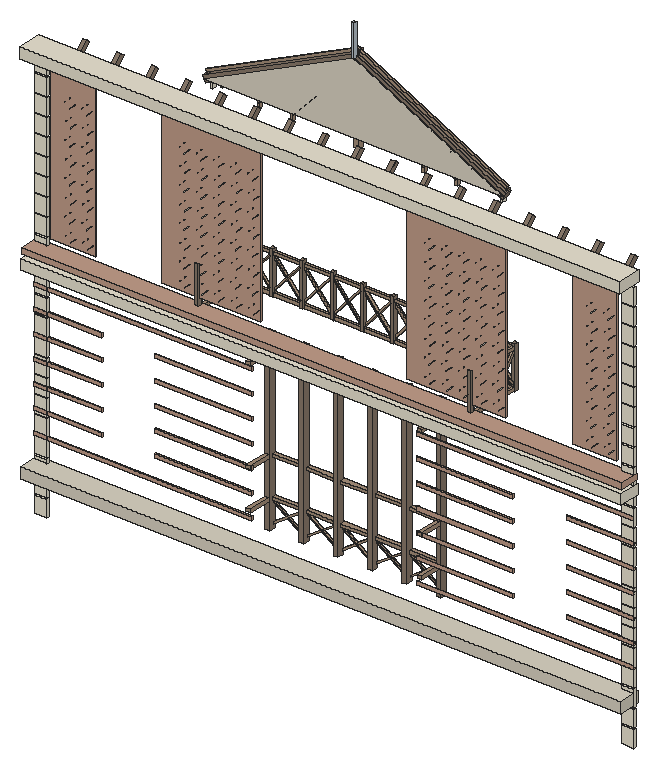
Revit family "AM_Detail_02_Rear_balcony_facade__observed", category Generic Models, Revit 2025
Family settings
  Can host rebar = No
  Round Connector Dimension = Use Diameter
  Part Type = Normal
  Work Plane-Based = No
  Always vertical = Yes
  Cut with Voids When Loaded = No
  Maintain Annotation Orientation = No
  Shared = No
  Room Calculation Point = No
Parameters (values of type "Original geometry")
  Description = "AM v1.0.0 architectural ornament. Editable native extrusion sketches; fixed photographic geometry. Not a structural wall/window/roof substitute."
  Default Elevation = 0 mm
Reference planes
  plane 1 "Center (Front/Back)": y = 0
  plane 2: z = 0
  plane 3 "Center (Left/Right)": x = 0
Forms (mm)
  Extrusion 1, solid, material "AM Warm limestone - fine pores"
    sketch origin (7000, 6110.001, 1025) x (1, 0, 0) y (0, 1, 0)
      loop
        line (0, 0) -> (-14000, -0.001) -> (-14000, -500.001) -> (0, -500) -> (0, 0)
    from 0 to 250
  Extrusion 2, solid, material "AM Ivory carved stone"
    sketch origin (7000, 6105.001, 5380) x (1, 0, 0) y (0, 1, 0)
      loop
        line (0, 0) -> (-14000, -0.001) -> (-14000, -490.002) -> (0, -490) -> (0, 0)
    from 0 to 240
  Extrusion 3, solid, material "AM Faded terracotta masonry"
    sketch origin (7000, 6090.001, 5705) x (1, 0, 0) y (0, 1, 0)
      loop
        line (0, 0) -> (-14000, -0.001) -> (-14000, -460.001) -> (0, -460) -> (0, 0)
    from 0 to 130
  Extrusion 4, solid, material "AM Ivory carved stone"
    sketch origin (7000, 6135.001, 9815) x (1, 0, 0) y (0, 1, 0)
      loop
        line (0, 0) -> (-14000, -0.001) -> (-14000, -550.001) -> (0, -550) -> (0, 0)
    from 0 to 250
  Extrusion 5, solid, material "AM Faded terracotta masonry"
    sketch origin (7000, 6022, 1757.5) x (1, 0, 0) y (0, 1, 0)
      loop
        line (0, 0) -> (-5080, 0) -> (-5080, -20) -> (0, -20) -> (0, 0)
    from 0 to 85
  Extrusion 6, solid, material "AM Faded terracotta masonry"
    sketch origin (-1920, 6022, 1757.5) x (1, 0, 0) y (0, 1, 0)
      loop
        line (0, 0) -> (-5080, 0) -> (-5080, -20) -> (0, -20) -> (0, 0)
    from 0 to 85
  Extrusion 7, solid, material "AM Faded terracotta masonry"
    sketch origin (7000, 6022, 2277.5) x (1, 0, 0) y (0, 1, 0)
      loop
        line (0, 0) -> (-1580, 0) -> (-1580, -20) -> (0, -20) -> (0, 0)
    from 0 to 85
  Extrusion 8, solid, material "AM Faded terracotta masonry"
    sketch origin (4180, 6022, 2277.5) x (1, 0, 0) y (0, 1, 0)
      loop
        line (0, 0) -> (-2260, 0) -> (-2260, -20) -> (0, -20) -> (0, 0)
    from 0 to 85
  Extrusion 9, solid, material "AM Faded terracotta masonry"
    sketch origin (-1920, 6022, 2277.5) x (1, 0, 0) y (0, 1, 0)
      loop
        line (0, 0) -> (-2260, 0) -> (-2260, -20) -> (0, -20) -> (0, 0)
    from 0 to 85
  Extrusion 10, solid, material "AM Faded terracotta masonry"
    sketch origin (-5420, 6022, 2277.5) x (1, 0, 0) y (0, 1, 0)
      loop
        line (0, 0) -> (-1580, 0) -> (-1580, -20) -> (0, -20) -> (0, 0)
    from 0 to 85
  Extrusion 11, solid, material "AM Faded terracotta masonry"
    sketch origin (7000, 6022, 2797.5) x (1, 0, 0) y (0, 1, 0)
      loop
        line (0, 0) -> (-1580, 0) -> (-1580, -20) -> (0, -20) -> (0, 0)
    from 0 to 85
  Extrusion 12, solid, material "AM Faded terracotta masonry"
    sketch origin (4180, 6022, 2797.5) x (1, 0, 0) y (0, 1, 0)
      loop
        line (0, 0) -> (-2260, 0) -> (-2260, -20) -> (0, -20) -> (0, 0)
    from 0 to 85
  Extrusion 13, solid, material "AM Faded terracotta masonry"
    sketch origin (-1920, 6022, 2797.5) x (1, 0, 0) y (0, 1, 0)
      loop
        line (0, 0) -> (-2260, 0) -> (-2260, -20) -> (0, -20) -> (0, 0)
    from 0 to 85
  Extrusion 14, solid, material "AM Faded terracotta masonry"
    sketch origin (-5420, 6022, 2797.5) x (1, 0, 0) y (0, 1, 0)
      loop
        line (0, 0) -> (-1580, 0) -> (-1580, -20) -> (0, -20) -> (0, 0)
    from 0 to 85
  Extrusion 15, solid, material "AM Faded terracotta masonry"
    sketch origin (7000, 6022, 3317.5) x (1, 0, 0) y (0, 1, 0)
      loop
        line (0, 0) -> (-1580, 0) -> (-1580, -20) -> (0, -20) -> (0, 0)
    from 0 to 85
  Extrusion 16, solid, material "AM Faded terracotta masonry"
    sketch origin (4180, 6022, 3317.5) x (1, 0, 0) y (0, 1, 0)
      loop
        line (0, 0) -> (-2260, 0) -> (-2260, -20) -> (0, -20) -> (0, 0)
    from 0 to 85
  Extrusion 17, solid, material "AM Faded terracotta masonry"
    sketch origin (-1920, 6022, 3317.5) x (1, 0, 0) y (0, 1, 0)
      loop
        line (0, 0) -> (-2260, 0) -> (-2260, -20) -> (0, -20) -> (0, 0)
    from 0 to 85
  Extrusion 18, solid, material "AM Faded terracotta masonry"
    sketch origin (-5420, 6022, 3317.5) x (1, 0, 0) y (0, 1, 0)
      loop
        line (0, 0) -> (-1580, 0) -> (-1580, -20) -> (0, -20) -> (0, 0)
    from 0 to 85
  Extrusion 19, solid, material "AM Faded terracotta masonry"
    sketch origin (7000, 6022, 3837.5) x (1, 0, 0) y (0, 1, 0)
      loop
        line (0, 0) -> (-1580, 0) -> (-1580, -20) -> (0, -20) -> (0, 0)
    from 0 to 85
  Extrusion 20, solid, material "AM Faded terracotta masonry"
    sketch origin (4180, 6022, 3837.5) x (1, 0, 0) y (0, 1, 0)
      loop
        line (0, 0) -> (-2260, 0) -> (-2260, -20) -> (0, -20) -> (0, 0)
    from 0 to 85
  Extrusion 21, solid, material "AM Faded terracotta masonry"
    sketch origin (-1920, 6022, 3837.5) x (1, 0, 0) y (0, 1, 0)
      loop
        line (0, 0) -> (-2260, 0) -> (-2260, -20) -> (0, -20) -> (0, 0)
    from 0 to 85
  Extrusion 22, solid, material "AM Faded terracotta masonry"
    sketch origin (-5420, 6022, 3837.5) x (1, 0, 0) y (0, 1, 0)
      loop
        line (0, 0) -> (-1580, 0) -> (-1580, -20) -> (0, -20) -> (0, 0)
    from 0 to 85
  Extrusion 23, solid, material "AM Faded terracotta masonry"
    sketch origin (7000, 6022, 4357.5) x (1, 0, 0) y (0, 1, 0)
      loop
        line (0, 0) -> (-1580, 0) -> (-1580, -20) -> (0, -20) -> (0, 0)
    from 0 to 85
  Extrusion 24, solid, material "AM Faded terracotta masonry"
    sketch origin (4180, 6022, 4357.5) x (1, 0, 0) y (0, 1, 0)
      loop
        line (0, 0) -> (-2260, 0) -> (-2260, -20) -> (0, -20) -> (0, 0)
    from 0 to 85
  Extrusion 25, solid, material "AM Faded terracotta masonry"
    sketch origin (-1920, 6022, 4357.5) x (1, 0, 0) y (0, 1, 0)
      loop
        line (0, 0) -> (-2260, 0) -> (-2260, -20) -> (0, -20) -> (0, 0)
    from 0 to 85
  Extrusion 26, solid, material "AM Faded terracotta masonry"
    sketch origin (-5420, 6022, 4357.5) x (1, 0, 0) y (0, 1, 0)
      loop
        line (0, 0) -> (-1580, 0) -> (-1580, -20) -> (0, -20) -> (0, 0)
    from 0 to 85
  Extrusion 27, solid, material "AM Faded terracotta masonry"
    sketch origin (7000, 6022, 4877.5) x (1, 0, 0) y (0, 1, 0)
      loop
        line (0, 0) -> (-5080, 0) -> (-5080, -20) -> (0, -20) -> (0, 0)
    from 0 to 85
  Extrusion 28, solid, material "AM Faded terracotta masonry"
    sketch origin (-1920, 6022, 4877.5) x (1, 0, 0) y (0, 1, 0)
      loop
        line (0, 0) -> (-5080, 0) -> (-5080, -20) -> (0, -20) -> (0, 0)
    from 0 to 85
  Extrusion 29, solid, material "AM Ivory carved stone"
    sketch origin (7000, 6065, 125) x (1, 0, 0) y (0, 1, 0)
      loop
        line (0, 0) -> (-300, 0) -> (-300, -60) -> (0, -60) -> (0, 0)
    from 0 to 390
  Extrusion 30, solid, material "AM Ivory carved stone"
    sketch origin (7000, 6065, 545) x (1, 0, 0) y (0, 1, 0)
      loop
        line (0, 0) -> (-300, 0) -> (-300, -60) -> (0, -60) -> (0, 0)
    from 0 to 390
  Extrusion 31, solid, material "AM Ivory carved stone"
    sketch origin (7000, 6065, 965) x (1, 0, 0) y (0, 1, 0)
      loop
        line (0, 0) -> (-300, 0) -> (-300, -60) -> (0, -60) -> (0, 0)
    from 0 to 390
  Extrusion 32, solid, material "AM Ivory carved stone"
    sketch origin (7000, 6065, 1385) x (1, 0, 0) y (0, 1, 0)
      loop
        line (0, 0) -> (-300, 0) -> (-300, -60) -> (0, -60) -> (0, 0)
    from 0 to 390
  Extrusion 33, solid, material "AM Ivory carved stone"
    sketch origin (7000, 6065, 1805) x (1, 0, 0) y (0, 1, 0)
      loop
        line (0, 0) -> (-300, 0) -> (-300, -60) -> (0, -60) -> (0, 0)
    from 0 to 390
  Extrusion 34, solid, material "AM Ivory carved stone"
    sketch origin (7000, 6065, 2225) x (1, 0, 0) y (0, 1, 0)
      loop
        line (0, 0) -> (-300, 0) -> (-300, -60) -> (0, -60) -> (0, 0)
    from 0 to 390
  Extrusion 35, solid, material "AM Ivory carved stone"
    sketch origin (7000, 6065, 2645) x (1, 0, 0) y (0, 1, 0)
      loop
        line (0, 0) -> (-300, 0) -> (-300, -60) -> (0, -60) -> (0, 0)
    from 0 to 390
  Extrusion 36, solid, material "AM Ivory carved stone"
    sketch origin (7000, 6065, 3065) x (1, 0, 0) y (0, 1, 0)
      loop
        line (0, 0) -> (-300, 0) -> (-300, -60) -> (0, -60) -> (0, 0)
    from 0 to 390
  Extrusion 37, solid, material "AM Ivory carved stone"
    sketch origin (7000, 6065, 3485) x (1, 0, 0) y (0, 1, 0)
      loop
        line (0, 0) -> (-300, 0) -> (-300, -60) -> (0, -60) -> (0, 0)
    from 0 to 390
  Extrusion 38, solid, material "AM Ivory carved stone"
    sketch origin (7000, 6065, 3905) x (1, 0, 0) y (0, 1, 0)
      loop
        line (0, 0) -> (-300, 0) -> (-300, -60) -> (0, -60) -> (0, 0)
    from 0 to 390
  Extrusion 39, solid, material "AM Ivory carved stone"
    sketch origin (7000, 6065, 4325) x (1, 0, 0) y (0, 1, 0)
      loop
        line (0, 0) -> (-300, 0) -> (-300, -60) -> (0, -60) -> (0, 0)
    from 0 to 390
  Extrusion 40, solid, material "AM Ivory carved stone"
    sketch origin (7000, 6065, 4745) x (1, 0, 0) y (0, 1, 0)
      loop
        line (0, 0) -> (-300, 0) -> (-300, -60) -> (0, -60) -> (0, 0)
    from 0 to 390
  Extrusion 41, solid, material "AM Ivory carved stone"
    sketch origin (7000, 6065, 5165) x (1, 0, 0) y (0, 1, 0)
      loop
        line (0, 0) -> (-300, 0) -> (-300, -60) -> (0, -60) -> (0, 0)
    from 0 to 390
  Extrusion 42, solid, material "AM Ivory carved stone"
    sketch origin (7000, 6065, 5585) x (1, 0, 0) y (0, 1, 0)
      loop
        line (0, 0) -> (-300, 0) -> (-300, -60) -> (0, -60) -> (0, 0)
    from 0 to 390
  Extrusion 43, solid, material "AM Ivory carved stone"
    sketch origin (7000, 6065, 6005) x (1, 0, 0) y (0, 1, 0)
      loop
        line (0, 0) -> (-300, 0) -> (-300, -60) -> (0, -60) -> (0, 0)
    from 0 to 390
  Extrusion 44, solid, material "AM Ivory carved stone"
    sketch origin (7000, 6065, 6425) x (1, 0, 0) y (0, 1, 0)
      loop
        line (0, 0) -> (-300, 0) -> (-300, -60) -> (0, -60) -> (0, 0)
    from 0 to 390
  Extrusion 45, solid, material "AM Ivory carved stone"
    sketch origin (7000, 6065, 6845) x (1, 0, 0) y (0, 1, 0)
      loop
        line (0, 0) -> (-300, 0) -> (-300, -60) -> (0, -60) -> (0, 0)
    from 0 to 390
  Extrusion 46, solid, material "AM Ivory carved stone"
    sketch origin (7000, 6065, 7265) x (1, 0, 0) y (0, 1, 0)
      loop
        line (0, 0) -> (-300, 0) -> (-300, -60) -> (0, -60) -> (0, 0)
    from 0 to 390
  Extrusion 47, solid, material "AM Ivory carved stone"
    sketch origin (7000, 6065, 7685) x (1, 0, 0) y (0, 1, 0)
      loop
        line (0, 0) -> (-300, 0) -> (-300, -60) -> (0, -60) -> (0, 0)
    from 0 to 390
  Extrusion 48, solid, material "AM Ivory carved stone"
    sketch origin (7000, 6065, 8105) x (1, 0, 0) y (0, 1, 0)
      loop
        line (0, 0) -> (-300, 0) -> (-300, -60) -> (0, -60) -> (0, 0)
    from 0 to 389.999
  Extrusion 49, solid, material "AM Ivory carved stone"
    sketch origin (7000, 6065, 8525.001) x (1, 0, 0) y (0, 1, 0)
      loop
        line (0, 0) -> (-300, 0) -> (-300, -60) -> (0, -60) -> (0, 0)
    from 0 to 389.999
  Extrusion 50, solid, material "AM Ivory carved stone"
    sketch origin (7000, 6065, 8945.001) x (1, 0, 0) y (0, 1, 0)
      loop
        line (0, 0) -> (-300, 0) -> (-300, -60) -> (0, -60) -> (0, 0)
    from 0 to 389.999
  Extrusion 51, solid, material "AM Ivory carved stone"
    sketch origin (7000, 6065, 9365.001) x (1, 0, 0) y (0, 1, 0)
      loop
        line (0, 0) -> (-300, 0) -> (-300, -60) -> (0, -60) -> (0, 0)
    from 0 to 389.999
  Extrusion 52, solid, material "AM Ivory carved stone"
    sketch origin (-6700, 6065, 125) x (1, 0, 0) y (0, 1, 0)
      loop
        line (0, 0) -> (-300, 0) -> (-300, -60) -> (0, -60) -> (0, 0)
    from 0 to 390
  Extrusion 53, solid, material "AM Ivory carved stone"
    sketch origin (-6700, 6065, 545) x (1, 0, 0) y (0, 1, 0)
      loop
        line (0, 0) -> (-300, 0) -> (-300, -60) -> (0, -60) -> (0, 0)
    from 0 to 390
  Extrusion 54, solid, material "AM Ivory carved stone"
    sketch origin (-6700, 6065, 965) x (1, 0, 0) y (0, 1, 0)
      loop
        line (0, 0) -> (-300, 0) -> (-300, -60) -> (0, -60) -> (0, 0)
    from 0 to 390
  Extrusion 55, solid, material "AM Ivory carved stone"
    sketch origin (-6700, 6065, 1385) x (1, 0, 0) y (0, 1, 0)
      loop
        line (0, 0) -> (-300, 0) -> (-300, -60) -> (0, -60) -> (0, 0)
    from 0 to 390
  Extrusion 56, solid, material "AM Ivory carved stone"
    sketch origin (-6700, 6065, 1805) x (1, 0, 0) y (0, 1, 0)
      loop
        line (0, 0) -> (-300, 0) -> (-300, -60) -> (0, -60) -> (0, 0)
    from 0 to 390
  Extrusion 57, solid, material "AM Ivory carved stone"
    sketch origin (-6700, 6065, 2225) x (1, 0, 0) y (0, 1, 0)
      loop
        line (0, 0) -> (-300, 0) -> (-300, -60) -> (0, -60) -> (0, 0)
    from 0 to 390
  Extrusion 58, solid, material "AM Ivory carved stone"
    sketch origin (-6700, 6065, 2645) x (1, 0, 0) y (0, 1, 0)
      loop
        line (0, 0) -> (-300, 0) -> (-300, -60) -> (0, -60) -> (0, 0)
    from 0 to 390
  Extrusion 59, solid, material "AM Ivory carved stone"
    sketch origin (-6700, 6065, 3065) x (1, 0, 0) y (0, 1, 0)
      loop
        line (0, 0) -> (-300, 0) -> (-300, -60) -> (0, -60) -> (0, 0)
    from 0 to 390
  Extrusion 60, solid, material "AM Ivory carved stone"
    sketch origin (-6700, 6065, 3485) x (1, 0, 0) y (0, 1, 0)
      loop
        line (0, 0) -> (-300, 0) -> (-300, -60) -> (0, -60) -> (0, 0)
    from 0 to 390
  Extrusion 61, solid, material "AM Ivory carved stone"
    sketch origin (-6700, 6065, 3905) x (1, 0, 0) y (0, 1, 0)
      loop
        line (0, 0) -> (-300, 0) -> (-300, -60) -> (0, -60) -> (0, 0)
    from 0 to 390
  Extrusion 62, solid, material "AM Ivory carved stone"
    sketch origin (-6700, 6065, 4325) x (1, 0, 0) y (0, 1, 0)
      loop
        line (0, 0) -> (-300, 0) -> (-300, -60) -> (0, -60) -> (0, 0)
    from 0 to 390
  Extrusion 63, solid, material "AM Ivory carved stone"
    sketch origin (-6700, 6065, 4745) x (1, 0, 0) y (0, 1, 0)
      loop
        line (0, 0) -> (-300, 0) -> (-300, -60) -> (0, -60) -> (0, 0)
    from 0 to 390
  Extrusion 64, solid, material "AM Ivory carved stone"
    sketch origin (-6700, 6065, 5165) x (1, 0, 0) y (0, 1, 0)
      loop
        line (0, 0) -> (-300, 0) -> (-300, -60) -> (0, -60) -> (0, 0)
    from 0 to 390
  Extrusion 65, solid, material "AM Ivory carved stone"
    sketch origin (-6700, 6065, 5585) x (1, 0, 0) y (0, 1, 0)
      loop
        line (0, 0) -> (-300, 0) -> (-300, -60) -> (0, -60) -> (0, 0)
    from 0 to 390
  Extrusion 66, solid, material "AM Ivory carved stone"
    sketch origin (-6700, 6065, 6005) x (1, 0, 0) y (0, 1, 0)
      loop
        line (0, 0) -> (-300, 0) -> (-300, -60) -> (0, -60) -> (0, 0)
    from 0 to 390
  Extrusion 67, solid, material "AM Ivory carved stone"
    sketch origin (-6700, 6065, 6425) x (1, 0, 0) y (0, 1, 0)
      loop
        line (0, 0) -> (-300, 0) -> (-300, -60) -> (0, -60) -> (0, 0)
    from 0 to 390
  Extrusion 68, solid, material "AM Ivory carved stone"
    sketch origin (-6700, 6065, 6845) x (1, 0, 0) y (0, 1, 0)
      loop
        line (0, 0) -> (-300, 0) -> (-300, -60) -> (0, -60) -> (0, 0)
    from 0 to 390
  Extrusion 69, solid, material "AM Ivory carved stone"
    sketch origin (-6700, 6065, 7265) x (1, 0, 0) y (0, 1, 0)
      loop
        line (0, 0) -> (-300, 0) -> (-300, -60) -> (0, -60) -> (0, 0)
    from 0 to 390
  Extrusion 70, solid, material "AM Ivory carved stone"
    sketch origin (-6700, 6065, 7685) x (1, 0, 0) y (0, 1, 0)
      loop
        line (0, 0) -> (-300, 0) -> (-300, -60) -> (0, -60) -> (0, 0)
    from 0 to 390
  Extrusion 71, solid, material "AM Ivory carved stone"
    sketch origin (-6700, 6065, 8105) x (1, 0, 0) y (0, 1, 0)
      loop
        line (0, 0) -> (-300, 0) -> (-300, -60) -> (0, -60) -> (0, 0)
    from 0 to 389.999
  Extrusion 72, solid, material "AM Ivory carved stone"
    sketch origin (-6700, 6065, 8525.001) x (1, 0, 0) y (0, 1, 0)
      loop
        line (0, 0) -> (-300, 0) -> (-300, -60) -> (0, -60) -> (0, 0)
    from 0 to 389.999
  Extrusion 73, solid, material "AM Ivory carved stone"
    sketch origin (-6700, 6065, 8945.001) x (1, 0, 0) y (0, 1, 0)
      loop
        line (0, 0) -> (-300, 0) -> (-300, -60) -> (0, -60) -> (0, 0)
    from 0 to 389.999
  Extrusion 74, solid, material "AM Ivory carved stone"
    sketch origin (-6700, 6065, 9365.001) x (1, 0, 0) y (0, 1, 0)
      loop
        line (0, 0) -> (-300, 0) -> (-300, -60) -> (0, -60) -> (0, 0)
    from 0 to 389.999
  Extrusion 75, solid, material "AM Aged chestnut timber"
    sketch origin (6697.5, 6034.653, 9607.513) x (1, 0, 0) y (0, 0.729542, -0.683936)
      loop
        line (0, 0) -> (-95, 0) -> (-95, -95) -> (0, -95) -> (0, 0)
    from 0 to 657.951
  Extrusion 76, solid, material "AM Aged chestnut timber"
    sketch origin (5897.5, 6034.653, 9607.513) x (1, 0, 0) y (0, 0.729542, -0.683936)
      loop
        line (0, 0) -> (-95, 0) -> (-95, -95) -> (0, -95) -> (0, 0)
    from 0 to 657.951
  Extrusion 77, solid, material "AM Aged chestnut timber"
    sketch origin (5097.5, 6034.653, 9607.513) x (1, 0, 0) y (0, 0.729542, -0.683936)
      loop
        line (0, 0) -> (-95, 0) -> (-95, -95) -> (0, -95) -> (0, 0)
    from 0 to 657.951
  Extrusion 78, solid, material "AM Aged chestnut timber"
    sketch origin (4297.5, 6034.653, 9607.513) x (1, 0, 0) y (0, 0.729542, -0.683936)
      loop
        line (0, 0) -> (-95, 0) -> (-95, -95) -> (0, -95) -> (0, 0)
    from 0 to 657.951
  Extrusion 79, solid, material "AM Aged chestnut timber"
    sketch origin (3497.5, 6034.653, 9607.513) x (1, 0, 0) y (0, 0.729542, -0.683936)
      loop
        line (0, 0) -> (-95, 0) -> (-95, -95) -> (0, -95) -> (0, 0)
    from 0 to 657.951
  Extrusion 80, solid, material "AM Aged chestnut timber"
    sketch origin (2697.5, 6034.653, 9607.513) x (1, 0, 0) y (0, 0.729542, -0.683936)
      loop
        line (0, 0) -> (-95, 0) -> (-95, -95) -> (0, -95) -> (0, 0)
    from 0 to 657.951
  Extrusion 81, solid, material "AM Aged chestnut timber"
    sketch origin (1897.5, 6034.653, 9607.513) x (1, 0, 0) y (0, 0.729542, -0.683936)
      loop
        line (0, 0) -> (-95, 0) -> (-95, -95) -> (0, -95) -> (0, 0)
    from 0 to 657.951
  Extrusion 82, solid, material "AM Aged chestnut timber"
    sketch origin (1097.5, 6034.653, 9607.513) x (1, 0, 0) y (0, 0.729542, -0.683936)
      loop
        line (0, 0) -> (-95, 0) -> (-95, -95) -> (0, -95) -> (0, 0)
    from 0 to 657.951
  Extrusion 83, solid, material "AM Aged chestnut timber"
    sketch origin (297.5, 6034.653, 9607.513) x (1, 0, 0) y (0, 0.729542, -0.683936)
      loop
        line (0, 0) -> (-95, 0) -> (-95, -95) -> (0, -95) -> (0, 0)
    from 0 to 657.951
  Extrusion 84, solid, material "AM Aged chestnut timber"
    sketch origin (-502.5, 6034.653, 9607.513) x (1, 0, 0) y (0, 0.729542, -0.683936)
      loop
        line (0, 0) -> (-95, 0) -> (-95, -95) -> (0, -95) -> (0, 0)
    from 0 to 657.951
  Extrusion 85, solid, material "AM Aged chestnut timber"
    sketch origin (-1302.5, 6034.653, 9607.513) x (1, 0, 0) y (0, 0.729542, -0.683936)
      loop
        line (0, 0) -> (-95, 0) -> (-95, -95) -> (0, -95) -> (0, 0)
    from 0 to 657.951
  Extrusion 86, solid, material "AM Aged chestnut timber"
    sketch origin (-2102.5, 6034.653, 9607.513) x (1, 0, 0) y (0, 0.729542, -0.683936)
      loop
        line (0, 0) -> (-95, 0) -> (-95, -95) -> (0, -95) -> (0, 0)
    from 0 to 657.951
  Extrusion 87, solid, material "AM Aged chestnut timber"
    sketch origin (-2902.5, 6034.653, 9607.513) x (1, 0, 0) y (0, 0.729542, -0.683936)
      loop
        line (0, 0) -> (-95, 0) -> (-95, -95) -> (0, -95) -> (0, 0)
    from 0 to 657.951
  Extrusion 88, solid, material "AM Aged chestnut timber"
    sketch origin (-3702.5, 6034.653, 9607.513) x (1, 0, 0) y (0, 0.729542, -0.683936)
      loop
        line (0, 0) -> (-95, 0) -> (-95, -95) -> (0, -95) -> (0, 0)
    from 0 to 657.951
  Extrusion 89, solid, material "AM Aged chestnut timber"
    sketch origin (-4502.5, 6034.653, 9607.513) x (1, 0, 0) y (0, 0.729542, -0.683936)
      loop
        line (0, 0) -> (-95, 0) -> (-95, -95) -> (0, -95) -> (0, 0)
    from 0 to 657.951
  Extrusion 90, solid, material "AM Aged chestnut timber"
    sketch origin (-5302.5, 6034.653, 9607.513) x (1, 0, 0) y (0, 0.729542, -0.683936)
      loop
        line (0, 0) -> (-95, 0) -> (-95, -95) -> (0, -95) -> (0, 0)
    from 0 to 657.951
  Extrusion 91, solid, material "AM Aged chestnut timber"
    sketch origin (-6102.5, 6034.653, 9607.513) x (1, 0, 0) y (0, 0.729542, -0.683936)
      loop
        line (0, 0) -> (-95, 0) -> (-95, -95) -> (0, -95) -> (0, 0)
    from 0 to 657.951
  Extrusion 92, solid, material "AM Faded terracotta masonry"
    sketch origin (6600, 6022.5, 6000) x (1, 0, 0) y (0, 1, 0)
      loop
        line (0, 0) -> (-1030, 0) -> (-1030, -25) -> (0, -25) -> (0, 0)
    from 0 to 3550
  Extrusion 93, solid, material "AM Ivory carved stone"
    sketch origin (6400, 6031, 6385) x (0, 0, -1) y (1, 0, 0)
      loop
        line (0, 0) -> (165, -165) -> (330, 0) -> (165, 165) -> (0, 0)
    from 0 to 9
  Extrusion 94, solid, material "AM Ivory carved stone"
    sketch origin (6510, 6031, 6275) x (0, 0, -1) y (1, 0, 0)
      loop
        line (0, 0) -> (55, -55) -> (110, 0) -> (55, 55) -> (0, 0)
    from 0 to 9
  Extrusion 95, solid, material "AM Ivory carved stone"
    sketch origin (6290, 6031, 6275) x (0, 0, -1) y (1, 0, 0)
      loop
        line (0, 0) -> (55, -55) -> (110, 0) -> (55, 55) -> (0, 0)
    from 0 to 9
  Extrusion 96, solid, material "AM Ivory carved stone"
    sketch origin (6400, 6031, 6165) x (0, 0, -1) y (1, 0, 0)
      loop
        line (0, 0) -> (55, -55) -> (110, 0) -> (55, 55) -> (0, 0)
    from 0 to 9
  Extrusion 97, solid, material "AM Ivory carved stone"
    sketch origin (6400, 6031, 6385) x (0, 0, -1) y (1, 0, 0)
      loop
        line (0, 0) -> (55, -55) -> (110, 0) -> (55, 55) -> (0, 0)
    from 0 to 9
  Extrusion 98, solid, material "AM Ivory carved stone"
    sketch origin (6000, 6031, 6385) x (0, 0, -1) y (1, 0, 0)
      loop
        line (0, 0) -> (165, -165) -> (330, 0) -> (165, 165) -> (0, 0)
    from 0 to 9
  Extrusion 99, solid, material "AM Ivory carved stone"
    sketch origin (6110, 6031, 6275) x (0, 0, -1) y (1, 0, 0)
      loop
        line (0, 0) -> (55, -55) -> (110, 0) -> (55, 55) -> (0, 0)
    from 0 to 9
  Extrusion 100, solid, material "AM Ivory carved stone"
    sketch origin (5890, 6031, 6275) x (0, 0, -1) y (1, 0, 0)
      loop
        line (0, 0) -> (55, -55) -> (110, 0) -> (55, 55) -> (0, 0)
    from 0 to 9
  Extrusion 101, solid, material "AM Ivory carved stone"
    sketch origin (6000, 6031, 6165) x (0, 0, -1) y (1, 0, 0)
      loop
        line (0, 0) -> (55, -55) -> (110, 0) -> (55, 55) -> (0, 0)
    from 0 to 9
  Extrusion 102, solid, material "AM Ivory carved stone"
    sketch origin (6000, 6031, 6385) x (0, 0, -1) y (1, 0, 0)
      loop
        line (0, 0) -> (55, -55) -> (110, 0) -> (55, 55) -> (0, 0)
    from 0 to 9
  Extrusion 103, solid, material "AM Ivory carved stone"
    sketch origin (6380, 6031, 6785) x (0, 0, -1) y (1, 0, 0)
      loop
        line (0, 0) -> (165, -165) -> (330, 0) -> (165, 165) -> (0, 0)
    from 0 to 9
  Extrusion 104, solid, material "AM Ivory carved stone"
    sketch origin (6490, 6031, 6675) x (0, 0, -1) y (1, 0, 0)
      loop
        line (0, 0) -> (55, -55) -> (110, 0) -> (55, 55) -> (0, 0)
    from 0 to 9
  Extrusion 105, solid, material "AM Ivory carved stone"
    sketch origin (6270, 6031, 6675) x (0, 0, -1) y (1, 0, 0)
      loop
        line (0, 0) -> (55, -55) -> (110, 0) -> (55, 55) -> (0, 0)
    from 0 to 9
  Extrusion 106, solid, material "AM Ivory carved stone"
    sketch origin (6380, 6031, 6565) x (0, 0, -1) y (1, 0, 0)
      loop
        line (0, 0) -> (55, -55) -> (110, 0) -> (55, 55) -> (0, 0)
    from 0 to 9
  Extrusion 107, solid, material "AM Ivory carved stone"
    sketch origin (6380, 6031, 6785) x (0, 0, -1) y (1, 0, 0)
      loop
        line (0, 0) -> (55, -55) -> (110, 0) -> (55, 55) -> (0, 0)
    from 0 to 9
  Extrusion 108, solid, material "AM Ivory carved stone"
    sketch origin (5980, 6031, 6785) x (0, 0, -1) y (1, 0, 0)
      loop
        line (0, 0) -> (165, -165) -> (330, 0) -> (165, 165) -> (0, 0)
    from 0 to 9
  Extrusion 109, solid, material "AM Ivory carved stone"
    sketch origin (6090, 6031, 6675) x (0, 0, -1) y (1, 0, 0)
      loop
        line (0, 0) -> (55, -55) -> (110, 0) -> (55, 55) -> (0, 0)
    from 0 to 9
  Extrusion 110, solid, material "AM Ivory carved stone"
    sketch origin (5870, 6031, 6675) x (0, 0, -1) y (1, 0, 0)
      loop
        line (0, 0) -> (55, -55) -> (110, 0) -> (55, 55) -> (0, 0)
    from 0 to 9
  Extrusion 111, solid, material "AM Ivory carved stone"
    sketch origin (5980, 6031, 6565) x (0, 0, -1) y (1, 0, 0)
      loop
        line (0, 0) -> (55, -55) -> (110, 0) -> (55, 55) -> (0, 0)
    from 0 to 9
  Extrusion 112, solid, material "AM Ivory carved stone"
    sketch origin (5980, 6031, 6785) x (0, 0, -1) y (1, 0, 0)
      loop
        line (0, 0) -> (55, -55) -> (110, 0) -> (55, 55) -> (0, 0)
    from 0 to 9
  Extrusion 113, solid, material "AM Ivory carved stone"
    sketch origin (6400, 6031, 7185) x (0, 0, -1) y (1, 0, 0)
      loop
        line (0, 0) -> (165, -165) -> (330, 0) -> (165, 165) -> (0, 0)
    from 0 to 9
  Extrusion 114, solid, material "AM Ivory carved stone"
    sketch origin (6510, 6031, 7075) x (0, 0, -1) y (1, 0, 0)
      loop
        line (0, 0) -> (55, -55) -> (110, 0) -> (55, 55) -> (0, 0)
    from 0 to 9
  Extrusion 115, solid, material "AM Ivory carved stone"
    sketch origin (6290, 6031, 7075) x (0, 0, -1) y (1, 0, 0)
      loop
        line (0, 0) -> (55, -55) -> (110, 0) -> (55, 55) -> (0, 0)
    from 0 to 9
  Extrusion 116, solid, material "AM Ivory carved stone"
    sketch origin (6400, 6031, 6965) x (0, 0, -1) y (1, 0, 0)
      loop
        line (0, 0) -> (55, -55) -> (110, 0) -> (55, 55) -> (0, 0)
    from 0 to 9
  Extrusion 117, solid, material "AM Ivory carved stone"
    sketch origin (6400, 6031, 7185) x (0, 0, -1) y (1, 0, 0)
      loop
        line (0, 0) -> (55, -55) -> (110, 0) -> (55, 55) -> (0, 0)
    from 0 to 9
  Extrusion 118, solid, material "AM Ivory carved stone"
    sketch origin (6000, 6031, 7185) x (0, 0, -1) y (1, 0, 0)
      loop
        line (0, 0) -> (165, -165) -> (330, 0) -> (165, 165) -> (0, 0)
    from 0 to 9
  Extrusion 119, solid, material "AM Ivory carved stone"
    sketch origin (6110, 6031, 7075) x (0, 0, -1) y (1, 0, 0)
      loop
        line (0, 0) -> (55, -55) -> (110, 0) -> (55, 55) -> (0, 0)
    from 0 to 9
  Extrusion 120, solid, material "AM Ivory carved stone"
    sketch origin (5890, 6031, 7075) x (0, 0, -1) y (1, 0, 0)
      loop
        line (0, 0) -> (55, -55) -> (110, 0) -> (55, 55) -> (0, 0)
    from 0 to 9
  Extrusion 121, solid, material "AM Ivory carved stone"
    sketch origin (6000, 6031, 6965) x (0, 0, -1) y (1, 0, 0)
      loop
        line (0, 0) -> (55, -55) -> (110, 0) -> (55, 55) -> (0, 0)
    from 0 to 9
  Extrusion 122, solid, material "AM Ivory carved stone"
    sketch origin (6000, 6031, 7185) x (0, 0, -1) y (1, 0, 0)
      loop
        line (0, 0) -> (55, -55) -> (110, 0) -> (55, 55) -> (0, 0)
    from 0 to 9
  Extrusion 123, solid, material "AM Ivory carved stone"
    sketch origin (6380, 6031, 7585) x (0, 0, -1) y (1, 0, 0)
      loop
        line (0, 0) -> (165, -165) -> (330, 0) -> (165, 165) -> (0, 0)
    from 0 to 9
  Extrusion 124, solid, material "AM Ivory carved stone"
    sketch origin (6490, 6031, 7475) x (0, 0, -1) y (1, 0, 0)
      loop
        line (0, 0) -> (55, -55) -> (110, 0) -> (55, 55) -> (0, 0)
    from 0 to 9
  Extrusion 125, solid, material "AM Ivory carved stone"
    sketch origin (6270, 6031, 7475) x (0, 0, -1) y (1, 0, 0)
      loop
        line (0, 0) -> (55, -55) -> (110, 0) -> (55, 55) -> (0, 0)
    from 0 to 9
  Extrusion 126, solid, material "AM Ivory carved stone"
    sketch origin (6380, 6031, 7365) x (0, 0, -1) y (1, 0, 0)
      loop
        line (0, 0) -> (55, -55) -> (110, 0) -> (55, 55) -> (0, 0)
    from 0 to 9
  Extrusion 127, solid, material "AM Ivory carved stone"
    sketch origin (6380, 6031, 7585) x (0, 0, -1) y (1, 0, 0)
      loop
        line (0, 0) -> (55, -55) -> (110, 0) -> (55, 55) -> (0, 0)
    from 0 to 9
  Extrusion 128, solid, material "AM Ivory carved stone"
    sketch origin (5980, 6031, 7585) x (0, 0, -1) y (1, 0, 0)
      loop
        line (0, 0) -> (165, -165) -> (330, 0) -> (165, 165) -> (0, 0)
    from 0 to 9
  Extrusion 129, solid, material "AM Ivory carved stone"
    sketch origin (6090, 6031, 7475) x (0, 0, -1) y (1, 0, 0)
      loop
        line (0, 0) -> (55, -55) -> (110, 0) -> (55, 55) -> (0, 0)
    from 0 to 9
  Extrusion 130, solid, material "AM Ivory carved stone"
    sketch origin (5870, 6031, 7475) x (0, 0, -1) y (1, 0, 0)
      loop
        line (0, 0) -> (55, -55) -> (110, 0) -> (55, 55) -> (0, 0)
    from 0 to 9
  Extrusion 131, solid, material "AM Ivory carved stone"
    sketch origin (5980, 6031, 7365) x (0, 0, -1) y (1, 0, 0)
      loop
        line (0, 0) -> (55, -55) -> (110, 0) -> (55, 55) -> (0, 0)
    from 0 to 9
  Extrusion 132, solid, material "AM Ivory carved stone"
    sketch origin (5980, 6031, 7585) x (0, 0, -1) y (1, 0, 0)
      loop
        line (0, 0) -> (55, -55) -> (110, 0) -> (55, 55) -> (0, 0)
    from 0 to 9
  Extrusion 133, solid, material "AM Ivory carved stone"
    sketch origin (6400, 6031, 7985) x (0, 0, -1) y (1, 0, 0)
      loop
        line (0, 0) -> (165, -165) -> (330, 0) -> (165, 165) -> (0, 0)
    from 0 to 9
  Extrusion 134, solid, material "AM Ivory carved stone"
    sketch origin (6510, 6031, 7875) x (0, 0, -1) y (1, 0, 0)
      loop
        line (0, 0) -> (55, -55) -> (110, 0) -> (55, 55) -> (0, 0)
    from 0 to 9
  Extrusion 135, solid, material "AM Ivory carved stone"
    sketch origin (6290, 6031, 7875) x (0, 0, -1) y (1, 0, 0)
      loop
        line (0, 0) -> (55, -55) -> (110, 0) -> (55, 55) -> (0, 0)
    from 0 to 9
  Extrusion 136, solid, material "AM Ivory carved stone"
    sketch origin (6400, 6031, 7765) x (0, 0, -1) y (1, 0, 0)
      loop
        line (0, 0) -> (55, -55) -> (110, 0) -> (55, 55) -> (0, 0)
    from 0 to 9
  Extrusion 137, solid, material "AM Ivory carved stone"
    sketch origin (6400, 6031, 7985) x (0, 0, -1) y (1, 0, 0)
      loop
        line (0, 0) -> (55, -55) -> (110, 0) -> (55, 55) -> (0, 0)
    from 0 to 9
  Extrusion 138, solid, material "AM Ivory carved stone"
    sketch origin (6000, 6031, 7985) x (0, 0, -1) y (1, 0, 0)
      loop
        line (0, 0) -> (165, -165) -> (330, 0) -> (165, 165) -> (0, 0)
    from 0 to 9
  Extrusion 139, solid, material "AM Ivory carved stone"
    sketch origin (6110, 6031, 7875) x (0, 0, -1) y (1, 0, 0)
      loop
        line (0, 0) -> (55, -55) -> (110, 0) -> (55, 55) -> (0, 0)
    from 0 to 9
  Extrusion 140, solid, material "AM Ivory carved stone"
    sketch origin (5890, 6031, 7875) x (0, 0, -1) y (1, 0, 0)
      loop
        line (0, 0) -> (55, -55) -> (110, 0) -> (55, 55) -> (0, 0)
    from 0 to 9
  Extrusion 141, solid, material "AM Ivory carved stone"
    sketch origin (6000, 6031, 7765) x (0, 0, -1) y (1, 0, 0)
      loop
        line (0, 0) -> (55, -55) -> (110, 0) -> (55, 55) -> (0, 0)
    from 0 to 9
  Extrusion 142, solid, material "AM Ivory carved stone"
    sketch origin (6000, 6031, 7985) x (0, 0, -1) y (1, 0, 0)
      loop
        line (0, 0) -> (55, -55) -> (110, 0) -> (55, 55) -> (0, 0)
    from 0 to 9
  Extrusion 143, solid, material "AM Ivory carved stone"
    sketch origin (6380, 6031, 8385) x (0, 0, -1) y (1, 0, 0)
      loop
        line (0, 0) -> (165, -165) -> (330, 0) -> (165, 165) -> (0, 0)
    from 0 to 9
  Extrusion 144, solid, material "AM Ivory carved stone"
    sketch origin (6490, 6031, 8275) x (0, 0, -1) y (1, 0, 0)
      loop
        line (0, 0) -> (54.999, -55) -> (110, 0) -> (54.999, 55) -> (0, 0)
    from 0 to 9
  Extrusion 145, solid, material "AM Ivory carved stone"
    sketch origin (6270, 6031, 8275) x (0, 0, -1) y (1, 0, 0)
      loop
        line (0, 0) -> (54.999, -55) -> (110, 0) -> (54.999, 55) -> (0, 0)
    from 0 to 9
  Extrusion 146, solid, material "AM Ivory carved stone"
    sketch origin (6380, 6031, 8165) x (0, 0, -1) y (1, 0, 0)
      loop
        line (0, 0) -> (55, -55) -> (110, 0) -> (55, 55) -> (0, 0)
    from 0 to 9
  Extrusion 147, solid, material "AM Ivory carved stone"
    sketch origin (6380, 6031, 8385) x (0, 0, -1) y (1, 0, 0)
      loop
        line (0, 0) -> (55, -55) -> (110.001, 0) -> (55, 55) -> (0, 0)
    from 0 to 9
  Extrusion 148, solid, material "AM Ivory carved stone"
    sketch origin (5980, 6031, 8385) x (0, 0, -1) y (1, 0, 0)
      loop
        line (0, 0) -> (165, -165) -> (330, 0) -> (165, 165) -> (0, 0)
    from 0 to 9
  Extrusion 149, solid, material "AM Ivory carved stone"
    sketch origin (6090, 6031, 8275) x (0, 0, -1) y (1, 0, 0)
      loop
        line (0, 0) -> (54.999, -55) -> (110, 0) -> (54.999, 55) -> (0, 0)
    from 0 to 9
  Extrusion 150, solid, material "AM Ivory carved stone"
    sketch origin (5870, 6031, 8275) x (0, 0, -1) y (1, 0, 0)
      loop
        line (0, 0) -> (54.999, -55) -> (110, 0) -> (54.999, 55) -> (0, 0)
    from 0 to 9
  Extrusion 151, solid, material "AM Ivory carved stone"
    sketch origin (5980, 6031, 8165) x (0, 0, -1) y (1, 0, 0)
      loop
        line (0, 0) -> (55, -55) -> (110, 0) -> (55, 55) -> (0, 0)
    from 0 to 9
  Extrusion 152, solid, material "AM Ivory carved stone"
    sketch origin (5980, 6031, 8385) x (0, 0, -1) y (1, 0, 0)
      loop
        line (0, 0) -> (55, -55) -> (110.001, 0) -> (55, 55) -> (0, 0)
    from 0 to 9
  Extrusion 153, solid, material "AM Ivory carved stone"
    sketch origin (6400, 6031, 8785) x (0, 0, -1) y (1, 0, 0)
      loop
        line (0, 0) -> (165, -165) -> (330, 0) -> (165, 165) -> (0, 0)
    from 0 to 9
  Extrusion 154, solid, material "AM Ivory carved stone"
    sketch origin (6510, 6031, 8675) x (0, 0, -1) y (1, 0, 0)
      loop
        line (0, 0) -> (55, -55) -> (110.001, 0) -> (55, 55) -> (0, 0)
    from 0 to 9
  Extrusion 155, solid, material "AM Ivory carved stone"
    sketch origin (6290, 6031, 8675) x (0, 0, -1) y (1, 0, 0)
      loop
        line (0, 0) -> (55, -55) -> (110.001, 0) -> (55, 55) -> (0, 0)
    from 0 to 9
  Extrusion 156, solid, material "AM Ivory carved stone"
    sketch origin (6400, 6031, 8565) x (0, 0, -1) y (1, 0, 0)
      loop
        line (0, 0) -> (54.999, -55) -> (110, 0) -> (54.999, 55) -> (0, 0)
    from 0 to 9
  Extrusion 157, solid, material "AM Ivory carved stone"
    sketch origin (6400, 6031, 8785) x (0, 0, -1) y (1, 0, 0)
      loop
        line (0, 0) -> (55, -55) -> (110, 0) -> (55, 55) -> (0, 0)
    from 0 to 9
  Extrusion 158, solid, material "AM Ivory carved stone"
    sketch origin (6000, 6031, 8785) x (0, 0, -1) y (1, 0, 0)
      loop
        line (0, 0) -> (165, -165) -> (330, 0) -> (165, 165) -> (0, 0)
    from 0 to 9
  Extrusion 159, solid, material "AM Ivory carved stone"
    sketch origin (6110, 6031, 8675) x (0, 0, -1) y (1, 0, 0)
      loop
        line (0, 0) -> (55, -55) -> (110.001, 0) -> (55, 55) -> (0, 0)
    from 0 to 9
  Extrusion 160, solid, material "AM Ivory carved stone"
    sketch origin (5890, 6031, 8675) x (0, 0, -1) y (1, 0, 0)
      loop
        line (0, 0) -> (55, -55) -> (110.001, 0) -> (55, 55) -> (0, 0)
    from 0 to 9
  Extrusion 161, solid, material "AM Ivory carved stone"
    sketch origin (6000, 6031, 8565) x (0, 0, -1) y (1, 0, 0)
      loop
        line (0, 0) -> (54.999, -55) -> (110, 0) -> (54.999, 55) -> (0, 0)
    from 0 to 9
  Extrusion 162, solid, material "AM Ivory carved stone"
    sketch origin (6000, 6031, 8785) x (0, 0, -1) y (1, 0, 0)
      loop
        line (0, 0) -> (55, -55) -> (110, 0) -> (55, 55) -> (0, 0)
    from 0 to 9
  Extrusion 163, solid, material "AM Ivory carved stone"
    sketch origin (6380, 6031, 9185) x (0, 0, -1) y (1, 0, 0)
      loop
        line (0, 0) -> (165, -165) -> (330.001, 0) -> (165, 165) -> (0, 0)
    from 0 to 9
  Extrusion 164, solid, material "AM Ivory carved stone"
    sketch origin (6490, 6031, 9075) x (0, 0, -1) y (1, 0, 0)
      loop
        line (0, 0) -> (54.999, -55) -> (110, 0) -> (54.999, 55) -> (0, 0)
    from 0 to 9
  Extrusion 165, solid, material "AM Ivory carved stone"
    sketch origin (6270, 6031, 9075) x (0, 0, -1) y (1, 0, 0)
      loop
        line (0, 0) -> (54.999, -55) -> (110, 0) -> (54.999, 55) -> (0, 0)
    from 0 to 9
  Extrusion 166, solid, material "AM Ivory carved stone"
    sketch origin (6380, 6031, 8965) x (0, 0, -1) y (1, 0, 0)
      loop
        line (0, 0) -> (55, -55) -> (110.001, 0) -> (55, 55) -> (0, 0)
    from 0 to 9
  Extrusion 167, solid, material "AM Ivory carved stone"
    sketch origin (6380, 6031, 9185) x (0, 0, -1) y (1, 0, 0)
      loop
        line (0, 0) -> (55, -55) -> (110.001, 0) -> (55, 55) -> (0, 0)
    from 0 to 9
  Extrusion 168, solid, material "AM Ivory carved stone"
    sketch origin (5980, 6031, 9185) x (0, 0, -1) y (1, 0, 0)
      loop
        line (0, 0) -> (165, -165) -> (330.001, 0) -> (165, 165) -> (0, 0)
    from 0 to 9
  Extrusion 169, solid, material "AM Ivory carved stone"
    sketch origin (6090, 6031, 9075) x (0, 0, -1) y (1, 0, 0)
      loop
        line (0, 0) -> (54.999, -55) -> (110, 0) -> (54.999, 55) -> (0, 0)
    from 0 to 9
  Extrusion 170, solid, material "AM Ivory carved stone"
    sketch origin (5870, 6031, 9075) x (0, 0, -1) y (1, 0, 0)
      loop
        line (0, 0) -> (54.999, -55) -> (110, 0) -> (54.999, 55) -> (0, 0)
    from 0 to 9
  Extrusion 171, solid, material "AM Ivory carved stone"
    sketch origin (5980, 6031, 8965) x (0, 0, -1) y (1, 0, 0)
      loop
        line (0, 0) -> (55, -55) -> (110.001, 0) -> (55, 55) -> (0, 0)
    from 0 to 9
  Extrusion 172, solid, material "AM Ivory carved stone"
    sketch origin (5980, 6031, 9185) x (0, 0, -1) y (1, 0, 0)
      loop
        line (0, 0) -> (55, -55) -> (110.001, 0) -> (55, 55) -> (0, 0)
    from 0 to 9
  Extrusion 173, solid, material "AM Faded terracotta masonry"
    sketch origin (4020, 6022.501, 6000) x (1, 0, 0) y (0, 1, 0)
      loop
        line (0, 0) -> (-2320, 0) -> (-2320, -25.001) -> (0, -25) -> (0, 0)
    from 0 to 3550
  Extrusion 174, solid, material "AM Ivory carved stone"
    sketch origin (3820, 6031, 6385) x (0, 0, -1) y (1, 0, 0)
      loop
        line (0, 0) -> (165, -165) -> (330, 0) -> (165, 165) -> (0, 0)
    from 0 to 9
  Extrusion 175, solid, material "AM Ivory carved stone"
    sketch origin (3930, 6031, 6275) x (0, 0, -1) y (1, 0, 0)
      loop
        line (0, 0) -> (55, -55) -> (110, 0) -> (55, 55) -> (0, 0)
    from 0 to 9
  Extrusion 176, solid, material "AM Ivory carved stone"
    sketch origin (3710, 6031, 6275) x (0, 0, -1) y (1, 0, 0)
      loop
        line (0, 0) -> (55, -55) -> (110, 0) -> (55, 55) -> (0, 0)
    from 0 to 9
  Extrusion 177, solid, material "AM Ivory carved stone"
    sketch origin (3820, 6031, 6165) x (0, 0, -1) y (1, 0, 0)
      loop
        line (0, 0) -> (55, -55) -> (110, 0) -> (55, 55) -> (0, 0)
    from 0 to 9
  Extrusion 178, solid, material "AM Ivory carved stone"
    sketch origin (3820, 6031, 6385) x (0, 0, -1) y (1, 0, 0)
      loop
        line (0, 0) -> (55, -55) -> (110, 0) -> (55, 55) -> (0, 0)
    from 0 to 9
  Extrusion 179, solid, material "AM Ivory carved stone"
    sketch origin (3420, 6031, 6385) x (0, 0, -1) y (1, 0, 0)
      loop
        line (0, 0) -> (165, -165) -> (330, 0) -> (165, 165) -> (0, 0)
    from 0 to 9
  Extrusion 180, solid, material "AM Ivory carved stone"
    sketch origin (3530, 6031, 6275) x (0, 0, -1) y (1, 0, 0)
      loop
        line (0, 0) -> (55, -55) -> (110, 0) -> (55, 55) -> (0, 0)
    from 0 to 9
  Extrusion 181, solid, material "AM Ivory carved stone"
    sketch origin (3310, 6031, 6275) x (0, 0, -1) y (1, 0, 0)
      loop
        line (0, 0) -> (55, -55) -> (110, 0) -> (55, 55) -> (0, 0)
    from 0 to 9
  Extrusion 182, solid, material "AM Ivory carved stone"
    sketch origin (3420, 6031, 6165) x (0, 0, -1) y (1, 0, 0)
      loop
        line (0, 0) -> (55, -55) -> (110, 0) -> (55, 55) -> (0, 0)
    from 0 to 9
  Extrusion 183, solid, material "AM Ivory carved stone"
    sketch origin (3420, 6031, 6385) x (0, 0, -1) y (1, 0, 0)
      loop
        line (0, 0) -> (55, -55) -> (110, 0) -> (55, 55) -> (0, 0)
    from 0 to 9
  Extrusion 184, solid, material "AM Ivory carved stone"
    sketch origin (3020, 6031, 6385) x (0, 0, -1) y (1, 0, 0)
      loop
        line (0, 0) -> (165, -165) -> (330, 0) -> (165, 165) -> (0, 0)
    from 0 to 9
  Extrusion 185, solid, material "AM Ivory carved stone"
    sketch origin (3130, 6031, 6275) x (0, 0, -1) y (1, 0, 0)
      loop
        line (0, 0) -> (55, -55) -> (110, 0) -> (55, 55) -> (0, 0)
    from 0 to 9
  Extrusion 186, solid, material "AM Ivory carved stone"
    sketch origin (2910, 6031, 6275) x (0, 0, -1) y (1, 0, 0)
      loop
        line (0, 0) -> (55, -55) -> (110, 0) -> (55, 55) -> (0, 0)
    from 0 to 9
  Extrusion 187, solid, material "AM Ivory carved stone"
    sketch origin (3020, 6031, 6165) x (0, 0, -1) y (1, 0, 0)
      loop
        line (0, 0) -> (55, -55) -> (110, 0) -> (55, 55) -> (0, 0)
    from 0 to 9
  Extrusion 188, solid, material "AM Ivory carved stone"
    sketch origin (3020, 6031, 6385) x (0, 0, -1) y (1, 0, 0)
      loop
        line (0, 0) -> (55, -55) -> (110, 0) -> (55, 55) -> (0, 0)
    from 0 to 9
  Extrusion 189, solid, material "AM Ivory carved stone"
    sketch origin (2620, 6031, 6385) x (0, 0, -1) y (1, 0, 0)
      loop
        line (0, 0) -> (165, -165) -> (330, 0) -> (165, 165) -> (0, 0)
    from 0 to 9
  Extrusion 190, solid, material "AM Ivory carved stone"
    sketch origin (2730, 6031, 6275) x (0, 0, -1) y (1, 0, 0)
      loop
        line (0, 0) -> (55, -55) -> (110, 0) -> (55, 55) -> (0, 0)
    from 0 to 9
  Extrusion 191, solid, material "AM Ivory carved stone"
    sketch origin (2510, 6031, 6275) x (0, 0, -1) y (1, 0, 0)
      loop
        line (0, 0) -> (55, -55) -> (110, 0) -> (55, 55) -> (0, 0)
    from 0 to 9
  Extrusion 192, solid, material "AM Ivory carved stone"
    sketch origin (2620, 6031, 6165) x (0, 0, -1) y (1, 0, 0)
      loop
        line (0, 0) -> (55, -55) -> (110, 0) -> (55, 55) -> (0, 0)
    from 0 to 9
  Extrusion 193, solid, material "AM Ivory carved stone"
    sketch origin (2620, 6031, 6385) x (0, 0, -1) y (1, 0, 0)
      loop
        line (0, 0) -> (55, -55) -> (110, 0) -> (55, 55) -> (0, 0)
    from 0 to 9
  Extrusion 194, solid, material "AM Ivory carved stone"
    sketch origin (2220, 6031, 6385) x (0, 0, -1) y (1, 0, 0)
      loop
        line (0, 0) -> (165, -165) -> (330, 0) -> (165, 165) -> (0, 0)
    from 0 to 9
  Extrusion 195, solid, material "AM Ivory carved stone"
    sketch origin (2330, 6031, 6275) x (0, 0, -1) y (1, 0, 0)
      loop
        line (0, 0) -> (55, -55) -> (110, 0) -> (55, 55) -> (0, 0)
    from 0 to 9
  Extrusion 196, solid, material "AM Ivory carved stone"
    sketch origin (2110, 6031, 6275) x (0, 0, -1) y (1, 0, 0)
      loop
        line (0, 0) -> (55, -55) -> (110, 0) -> (55, 55) -> (0, 0)
    from 0 to 9
  Extrusion 197, solid, material "AM Ivory carved stone"
    sketch origin (2220, 6031, 6165) x (0, 0, -1) y (1, 0, 0)
      loop
        line (0, 0) -> (55, -55) -> (110, 0) -> (55, 55) -> (0, 0)
    from 0 to 9
  Extrusion 198, solid, material "AM Ivory carved stone"
    sketch origin (2220, 6031, 6385) x (0, 0, -1) y (1, 0, 0)
      loop
        line (0, 0) -> (55, -55) -> (110, 0) -> (55, 55) -> (0, 0)
    from 0 to 9
  Extrusion 199, solid, material "AM Ivory carved stone"
    sketch origin (3800, 6031, 6785) x (0, 0, -1) y (1, 0, 0)
      loop
        line (0, 0) -> (165, -165) -> (330, 0) -> (165, 165) -> (0, 0)
    from 0 to 9
  Extrusion 200, solid, material "AM Ivory carved stone"
    sketch origin (3910, 6031, 6675) x (0, 0, -1) y (1, 0, 0)
      loop
        line (0, 0) -> (55, -55) -> (110, 0) -> (55, 55) -> (0, 0)
    from 0 to 9
  Extrusion 201, solid, material "AM Ivory carved stone"
    sketch origin (3690, 6031, 6675) x (0, 0, -1) y (1, 0, 0)
      loop
        line (0, 0) -> (55, -55) -> (110, 0) -> (55, 55) -> (0, 0)
    from 0 to 9
  Extrusion 202, solid, material "AM Ivory carved stone"
    sketch origin (3800, 6031, 6565) x (0, 0, -1) y (1, 0, 0)
      loop
        line (0, 0) -> (55, -55) -> (110, 0) -> (55, 55) -> (0, 0)
    from 0 to 9
  Extrusion 203, solid, material "AM Ivory carved stone"
    sketch origin (3800, 6031, 6785) x (0, 0, -1) y (1, 0, 0)
      loop
        line (0, 0) -> (55, -55) -> (110, 0) -> (55, 55) -> (0, 0)
    from 0 to 9
  Extrusion 204, solid, material "AM Ivory carved stone"
    sketch origin (3400, 6031, 6785) x (0, 0, -1) y (1, 0, 0)
      loop
        line (0, 0) -> (165, -165) -> (330, 0) -> (165, 165) -> (0, 0)
    from 0 to 9
  Extrusion 205, solid, material "AM Ivory carved stone"
    sketch origin (3510, 6031, 6675) x (0, 0, -1) y (1, 0, 0)
      loop
        line (0, 0) -> (55, -55) -> (110, 0) -> (55, 55) -> (0, 0)
    from 0 to 9
  Extrusion 206, solid, material "AM Ivory carved stone"
    sketch origin (3290, 6031, 6675) x (0, 0, -1) y (1, 0, 0)
      loop
        line (0, 0) -> (55, -55) -> (110, 0) -> (55, 55) -> (0, 0)
    from 0 to 9
  Extrusion 207, solid, material "AM Ivory carved stone"
    sketch origin (3400, 6031, 6565) x (0, 0, -1) y (1, 0, 0)
      loop
        line (0, 0) -> (55, -55) -> (110, 0) -> (55, 55) -> (0, 0)
    from 0 to 9
  Extrusion 208, solid, material "AM Ivory carved stone"
    sketch origin (3400, 6031, 6785) x (0, 0, -1) y (1, 0, 0)
      loop
        line (0, 0) -> (55, -55) -> (110, 0) -> (55, 55) -> (0, 0)
    from 0 to 9
  Extrusion 209, solid, material "AM Ivory carved stone"
    sketch origin (3000, 6031, 6785) x (0, 0, -1) y (1, 0, 0)
      loop
        line (0, 0) -> (165, -165) -> (330, 0) -> (165, 165) -> (0, 0)
    from 0 to 9
  Extrusion 210, solid, material "AM Ivory carved stone"
    sketch origin (3110, 6031, 6675) x (0, 0, -1) y (1, 0, 0)
      loop
        line (0, 0) -> (55, -55) -> (110, 0) -> (55, 55) -> (0, 0)
    from 0 to 9
  Extrusion 211, solid, material "AM Ivory carved stone"
    sketch origin (2890, 6031, 6675) x (0, 0, -1) y (1, 0, 0)
      loop
        line (0, 0) -> (55, -55) -> (110, 0) -> (55, 55) -> (0, 0)
    from 0 to 9
  Extrusion 212, solid, material "AM Ivory carved stone"
    sketch origin (3000, 6031, 6565) x (0, 0, -1) y (1, 0, 0)
      loop
        line (0, 0) -> (55, -55) -> (110, 0) -> (55, 55) -> (0, 0)
    from 0 to 9
  Extrusion 213, solid, material "AM Ivory carved stone"
    sketch origin (3000, 6031, 6785) x (0, 0, -1) y (1, 0, 0)
      loop
        line (0, 0) -> (55, -55) -> (110, 0) -> (55, 55) -> (0, 0)
    from 0 to 9
  Extrusion 214, solid, material "AM Ivory carved stone"
    sketch origin (2600, 6031, 6785) x (0, 0, -1) y (1, 0, 0)
      loop
        line (0, 0) -> (165, -165) -> (330, 0) -> (165, 165) -> (0, 0)
    from 0 to 9
  Extrusion 215, solid, material "AM Ivory carved stone"
    sketch origin (2710, 6031, 6675) x (0, 0, -1) y (1, 0, 0)
      loop
        line (0, 0) -> (55, -55) -> (110, 0) -> (55, 55) -> (0, 0)
    from 0 to 9
  Extrusion 216, solid, material "AM Ivory carved stone"
    sketch origin (2490, 6031, 6675) x (0, 0, -1) y (1, 0, 0)
      loop
        line (0, 0) -> (55, -55) -> (110, 0) -> (55, 55) -> (0, 0)
    from 0 to 9
  Extrusion 217, solid, material "AM Ivory carved stone"
    sketch origin (2600, 6031, 6565) x (0, 0, -1) y (1, 0, 0)
      loop
        line (0, 0) -> (55, -55) -> (110, 0) -> (55, 55) -> (0, 0)
    from 0 to 9
  Extrusion 218, solid, material "AM Ivory carved stone"
    sketch origin (2600, 6031, 6785) x (0, 0, -1) y (1, 0, 0)
      loop
        line (0, 0) -> (55, -55) -> (110, 0) -> (55, 55) -> (0, 0)
    from 0 to 9
  Extrusion 219, solid, material "AM Ivory carved stone"
    sketch origin (2200, 6031, 6785) x (0, 0, -1) y (1, 0, 0)
      loop
        line (0, 0) -> (165, -165) -> (330, 0) -> (165, 165) -> (0, 0)
    from 0 to 9
  Extrusion 220, solid, material "AM Ivory carved stone"
    sketch origin (2310, 6031, 6675) x (0, 0, -1) y (1, 0, 0)
      loop
        line (0, 0) -> (55, -55) -> (110, 0) -> (55, 55) -> (0, 0)
    from 0 to 9
  Extrusion 221, solid, material "AM Ivory carved stone"
    sketch origin (2090, 6031, 6675) x (0, 0, -1) y (1, 0, 0)
      loop
        line (0, 0) -> (55, -55) -> (110, 0) -> (55, 55) -> (0, 0)
    from 0 to 9
  Extrusion 222, solid, material "AM Ivory carved stone"
    sketch origin (2200, 6031, 6565) x (0, 0, -1) y (1, 0, 0)
      loop
        line (0, 0) -> (55, -55) -> (110, 0) -> (55, 55) -> (0, 0)
    from 0 to 9
  Extrusion 223, solid, material "AM Ivory carved stone"
    sketch origin (2200, 6031, 6785) x (0, 0, -1) y (1, 0, 0)
      loop
        line (0, 0) -> (55, -55) -> (110, 0) -> (55, 55) -> (0, 0)
    from 0 to 9
  Extrusion 224, solid, material "AM Ivory carved stone"
    sketch origin (3820, 6031, 7185) x (0, 0, -1) y (1, 0, 0)
      loop
        line (0, 0) -> (165, -165) -> (330, 0) -> (165, 165) -> (0, 0)
    from 0 to 9
  Extrusion 225, solid, material "AM Ivory carved stone"
    sketch origin (3930, 6031, 7075) x (0, 0, -1) y (1, 0, 0)
      loop
        line (0, 0) -> (55, -55) -> (110, 0) -> (55, 55) -> (0, 0)
    from 0 to 9
  Extrusion 226, solid, material "AM Ivory carved stone"
    sketch origin (3710, 6031, 7075) x (0, 0, -1) y (1, 0, 0)
      loop
        line (0, 0) -> (55, -55) -> (110, 0) -> (55, 55) -> (0, 0)
    from 0 to 9
  Extrusion 227, solid, material "AM Ivory carved stone"
    sketch origin (3820, 6031, 6965) x (0, 0, -1) y (1, 0, 0)
      loop
        line (0, 0) -> (55, -55) -> (110, 0) -> (55, 55) -> (0, 0)
    from 0 to 9
  Extrusion 228, solid, material "AM Ivory carved stone"
    sketch origin (3820, 6031, 7185) x (0, 0, -1) y (1, 0, 0)
      loop
        line (0, 0) -> (55, -55) -> (110, 0) -> (55, 55) -> (0, 0)
    from 0 to 9
  Extrusion 229, solid, material "AM Ivory carved stone"
    sketch origin (3420, 6031, 7185) x (0, 0, -1) y (1, 0, 0)
      loop
        line (0, 0) -> (165, -165) -> (330, 0) -> (165, 165) -> (0, 0)
    from 0 to 9
  Extrusion 230, solid, material "AM Ivory carved stone"
    sketch origin (3530, 6031, 7075) x (0, 0, -1) y (1, 0, 0)
      loop
        line (0, 0) -> (55, -55) -> (110, 0) -> (55, 55) -> (0, 0)
    from 0 to 9
  Extrusion 231, solid, material "AM Ivory carved stone"
    sketch origin (3310, 6031, 7075) x (0, 0, -1) y (1, 0, 0)
      loop
        line (0, 0) -> (55, -55) -> (110, 0) -> (55, 55) -> (0, 0)
    from 0 to 9
  Extrusion 232, solid, material "AM Ivory carved stone"
    sketch origin (3420, 6031, 6965) x (0, 0, -1) y (1, 0, 0)
      loop
        line (0, 0) -> (55, -55) -> (110, 0) -> (55, 55) -> (0, 0)
    from 0 to 9
  Extrusion 233, solid, material "AM Ivory carved stone"
    sketch origin (3420, 6031, 7185) x (0, 0, -1) y (1, 0, 0)
      loop
        line (0, 0) -> (55, -55) -> (110, 0) -> (55, 55) -> (0, 0)
    from 0 to 9
  Extrusion 234, solid, material "AM Ivory carved stone"
    sketch origin (3020, 6031, 7185) x (0, 0, -1) y (1, 0, 0)
      loop
        line (0, 0) -> (165, -165) -> (330, 0) -> (165, 165) -> (0, 0)
    from 0 to 9
  Extrusion 235, solid, material "AM Ivory carved stone"
    sketch origin (3130, 6031, 7075) x (0, 0, -1) y (1, 0, 0)
      loop
        line (0, 0) -> (55, -55) -> (110, 0) -> (55, 55) -> (0, 0)
    from 0 to 9
  Extrusion 236, solid, material "AM Ivory carved stone"
    sketch origin (2910, 6031, 7075) x (0, 0, -1) y (1, 0, 0)
      loop
        line (0, 0) -> (55, -55) -> (110, 0) -> (55, 55) -> (0, 0)
    from 0 to 9
  Extrusion 237, solid, material "AM Ivory carved stone"
    sketch origin (3020, 6031, 6965) x (0, 0, -1) y (1, 0, 0)
      loop
        line (0, 0) -> (55, -55) -> (110, 0) -> (55, 55) -> (0, 0)
    from 0 to 9
  Extrusion 238, solid, material "AM Ivory carved stone"
    sketch origin (3020, 6031, 7185) x (0, 0, -1) y (1, 0, 0)
      loop
        line (0, 0) -> (55, -55) -> (110, 0) -> (55, 55) -> (0, 0)
    from 0 to 9
  Extrusion 239, solid, material "AM Ivory carved stone"
    sketch origin (2620, 6031, 7185) x (0, 0, -1) y (1, 0, 0)
      loop
        line (0, 0) -> (165, -165) -> (330, 0) -> (165, 165) -> (0, 0)
    from 0 to 9
  Extrusion 240, solid, material "AM Ivory carved stone"
    sketch origin (2730, 6031, 7075) x (0, 0, -1) y (1, 0, 0)
      loop
        line (0, 0) -> (55, -55) -> (110, 0) -> (55, 55) -> (0, 0)
    from 0 to 9
  Extrusion 241, solid, material "AM Ivory carved stone"
    sketch origin (2510, 6031, 7075) x (0, 0, -1) y (1, 0, 0)
      loop
        line (0, 0) -> (55, -55) -> (110, 0) -> (55, 55) -> (0, 0)
    from 0 to 9
  Extrusion 242, solid, material "AM Ivory carved stone"
    sketch origin (2620, 6031, 6965) x (0, 0, -1) y (1, 0, 0)
      loop
        line (0, 0) -> (55, -55) -> (110, 0) -> (55, 55) -> (0, 0)
    from 0 to 9
  Extrusion 243, solid, material "AM Ivory carved stone"
    sketch origin (2620, 6031, 7185) x (0, 0, -1) y (1, 0, 0)
      loop
        line (0, 0) -> (55, -55) -> (110, 0) -> (55, 55) -> (0, 0)
    from 0 to 9
